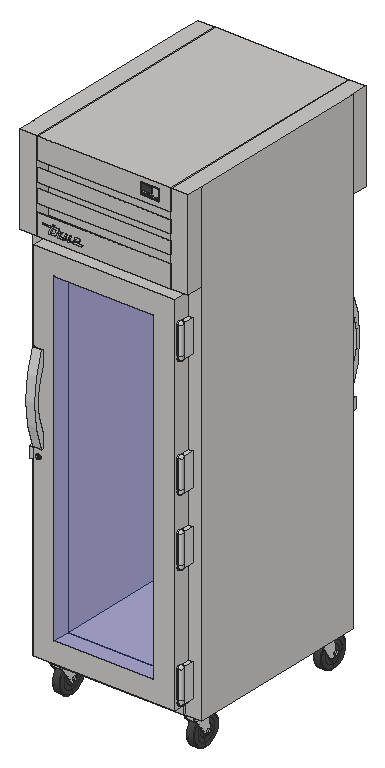
Revit family "QF_TRUE_STG1RPT-1G-1G-HC", category Specialty Equipment, Revit 2012 (continued)
Automatic sketch dimensions
  Extrusion 50 sketch curve to Extrusion 50 sketch curve = 0.71221"
  Revolve 51 sketch curve to Revolve 51 sketch curve = 0.38242"
  Revolve 51 sketch curve to Revolve 51 sketch curve = 0.38436"
  Revolve 51 sketch curve to Revolve 51 sketch curve = 0.02425"
  Revolve 51 sketch curve to Revolve 51 sketch curve = 0.40666"  (x2)
  Revolve 51 sketch curve to Revolve 51 sketch curve = 0"
  Revolve 51 sketch curve to plane 5 "TOP" = 38.25492"
  Revolve 51 sketch curve to Revolve 51 sketch curve = 0.55526"
  Revolve 51 sketch curve to Revolve 51 sketch curve = 0.19474"
  Revolve 51 sketch curve to Revolve 51 sketch curve = 0.14649"
  Revolve 51 sketch curve to Revolve 51 sketch curve = 4.42889"
  Revolve 51 sketch curve to Revolve 51 sketch curve = 0.05342"
  Revolve 51 sketch curve to Revolve 51 sketch curve = 0.51246"
  Revolve 51 sketch curve to Revolve 51 sketch curve = 0.05889"
  Extrusion 53 sketch curve to Extrusion 53 sketch curve = 0.20453"
  Extrusion 53 sketch curve to Extrusion 53 sketch curve = 0.43503"
  plane 6 to Extrusion 53 sketch curve = 27.92729"
  Extrusion 53 sketch curve to Extrusion 53 sketch curve = 4.39928"
  Extrusion 53 sketch curve to Extrusion 53 sketch curve = 0.71221"
  Revolve 54 sketch curve to Revolve 54 sketch curve = 0.38242"
  Revolve 54 sketch curve to Revolve 54 sketch curve = 0.38436"
  Revolve 54 sketch curve to Revolve 54 sketch curve = 0.02425"
  Revolve 54 sketch curve to Revolve 54 sketch curve = 0.40666"  (x2)
  Revolve 54 sketch curve to Revolve 54 sketch curve = 0"
  plane 6 to Revolve 54 sketch curve = 28.74508"
  Revolve 54 sketch curve to Revolve 54 sketch curve = 0.55526"
  Revolve 54 sketch curve to Revolve 54 sketch curve = 0.19474"
  Revolve 54 sketch curve to Revolve 54 sketch curve = 0.14649"
  Revolve 54 sketch curve to Revolve 54 sketch curve = 4.42889"
  Revolve 54 sketch curve to Revolve 54 sketch curve = 0.05342"
  Revolve 54 sketch curve to Revolve 54 sketch curve = 0.51246"
  Revolve 54 sketch curve to Revolve 54 sketch curve = 0.05889"
  Extrusion 56 sketch curve to Extrusion 56 sketch curve = 0.20453"
  Extrusion 56 sketch curve to Extrusion 56 sketch curve = 0.43503"
  plane 6 to Extrusion 56 sketch curve = 8.17729"
  plane 6 to Extrusion 56 sketch curve = 3.57348"
  Extrusion 56 sketch curve to Extrusion 56 sketch curve = 0.75105"
  Revolve 57 sketch curve to Revolve 57 sketch curve = 0.38242"
  Revolve 57 sketch curve to Revolve 57 sketch curve = 0.38436"
  Revolve 57 sketch curve to Revolve 57 sketch curve = 0.02425"
  Revolve 57 sketch curve to Revolve 57 sketch curve = 0.40666"  (x2)
  Revolve 57 sketch curve to Revolve 57 sketch curve = 0"
  plane 6 to Revolve 57 sketch curve = 8.99508"
  Revolve 57 sketch curve to Revolve 57 sketch curve = 0.55526"
  Revolve 57 sketch curve to Revolve 57 sketch curve = 0.19474"
  Revolve 57 sketch curve to Revolve 57 sketch curve = 0.14649"
  plane 6 to Revolve 57 sketch curve = 3.62689"
  Revolve 57 sketch curve to Revolve 57 sketch curve = 0.05342"
  Revolve 57 sketch curve to Revolve 57 sketch curve = 0.51246"
  Revolve 57 sketch curve to Revolve 57 sketch curve = 0.05889"
  Extrusion 3 sketch curve to Extrusion 3 sketch curve = 31"  (x2)
  Extrusion 3 sketch curve to Extrusion 3 sketch curve = 0.21659"
  Extrusion 25 sketch curve to Extrusion 25 sketch curve = 22.76936"
  Extrusion 31 sketch curve to Extrusion 31 sketch curve = 23.08888"
  Extrusion 34 sketch curve to Extrusion 34 sketch curve = 22.76936"
  Extrusion 35 sketch curve to Extrusion 35 sketch curve = 22.76936"
  Extrusion 40 sketch curve to Extrusion 40 sketch curve = 23.08888"
  Extrusion 47 sketch curve to plane 4 "FRONT" = 35.51521"
  Extrusion 47 sketch curve to Extrusion 47 sketch curve = 1.50065"
  Revolve 48 sketch curve to plane 4 "FRONT" = 35 15/16"
  Extrusion 50 sketch curve to plane 4 "FRONT" = 35.51521"
  Extrusion 50 sketch curve to Extrusion 50 sketch curve = 1.50065"
  Revolve 51 sketch curve to plane 4 "FRONT" = 35 15/16"
  Extrusion 53 sketch curve to plane 4 "FRONT" = 35.51521"
  Extrusion 53 sketch curve to Extrusion 53 sketch curve = 1.50065"
  Revolve 54 sketch curve to plane 4 "FRONT" = 35 15/16"
  Extrusion 56 sketch curve to plane 4 "FRONT" = 35.51521"
  Extrusion 56 sketch curve to Extrusion 56 sketch curve = 1.50065"
  Revolve 57 sketch curve to plane 4 "FRONT" = 35 15/16"
  plane 4 "FRONT" to Extrusion 7 sketch curve = 0.21185"  (x2)
  Extrusion 7 sketch curve to plane 4 "FRONT" = 0"  (x2)
  Extrusion 7 sketch curve to plane 4 "FRONT" = 9.47675"
  Extrusion 7 sketch curve to Extrusion 7 sketch curve = 7.78454"
  Extrusion 7 sketch curve to Extrusion 7 sketch curve = 2.37688"
  Extrusion 7 sketch curve to Extrusion 7 sketch curve = 0"
  plane 8 to Extrusion 59 sketch curve = 0"  (x2)
  Extrusion 59 sketch curve to Extrusion 59 sketch curve = 0.21151"  (x2)
  plane 8 to Extrusion 59 sketch curve = 9.5614"
  Extrusion 59 sketch curve to Extrusion 59 sketch curve = 7.69571"
  Extrusion 59 sketch curve to Extrusion 59 sketch curve = 2.37735"
  plane 6 to Extrusion 7 sketch curve = 32 5/8"
  Extrusion 7 sketch curve to Extrusion 7 sketch curve = 4.87312"
  plane 6 to Extrusion 59 sketch curve = 32 5/8"
  Extrusion 59 sketch curve to Extrusion 59 sketch curve = 4.87265"
  Extrusion 59 sketch curve to Extrusion 59 sketch curve = 0"
  Extrusion 26 sketch curve to plane 6 = 0.63926"  (x2)
  Extrusion 26 sketch curve to plane 4 "FRONT" = 3.79864"
  Extrusion 26 sketch curve to plane 6 = 1.24411"
  Extrusion 26 sketch curve to Extrusion 26 sketch curve = 1/4"  (x2)
  Extrusion 26 sketch curve to Extrusion 26 sketch curve = 1.7492"  (x2)
  Extrusion 26 sketch curve to Extrusion 26 sketch curve = 0.50669"  (x2)
  Extrusion 26 sketch curve to Extrusion 26 sketch curve = 2 1/2"  (x2)
  Extrusion 26 sketch curve to Extrusion 26 sketch curve = 0.59966"  (x2)
  plane 8 to Extrusion 26 sketch curve = 6.82645"
  level to Extrusion 26 sketch curve = 2.59003"  (x2)
  Extrusion 26 sketch curve to Extrusion 26 sketch curve = 0.07363"  (x2)
  Extrusion 26 sketch curve to Extrusion 26 sketch curve = 0.60485"
  Extrusion 1 sketch curve to plane 2 "LEFT" = 0"
  plane 2 "LEFT" to Extrusion 1 sketch curve = 2 55/64"
  Extrusion 1 sketch curve to plane 4 "FRONT" = 2 3/4"
  plane 8 to Extrusion 1 sketch curve = 2 3/4"
  Extrusion 2 sketch curve to plane 3 "RIGHT" = 0"
  Extrusion 2 sketch curve to plane 3 "RIGHT" = 2 55/64"
  Extrusion 2 sketch curve to plane 4 "FRONT" = 2 3/4"
  plane 8 to Extrusion 2 sketch curve = 2 3/4"
  plane 4 "FRONT" to Extrusion 4 sketch curve = 0"
  Extrusion 4 sketch curve to plane 3 "RIGHT" = 2 55/64"
  Extrusion 4 sketch curve to plane 3 "RIGHT" = 3/64"
  Extrusion 4 sketch curve to Extrusion 4 sketch curve = 2 3/4"
  plane 4 "FRONT" to Extrusion 5 sketch curve = 0"
  plane 2 "LEFT" to Extrusion 5 sketch curve = 3/64"
  Extrusion 5 sketch curve to Extrusion 5 sketch curve = 2 13/16"
  Extrusion 5 sketch curve to Extrusion 5 sketch curve = 2 3/4"
  plane 2 "LEFT" to Extrusion 6 sketch curve = 2 9/32"
  Extrusion 6 sketch curve to Extrusion 6 sketch curve = 3 11/32"  (x3)
  Extrusion 6 sketch curve to plane 3 "RIGHT" = 5 5/8"
  Extrusion 6 sketch curve to plane 3 "RIGHT" = 2 9/32"
  plane 6 to Extrusion 6 sketch curve = 1 29/32"
  Extrusion 6 sketch curve to plane 5 "TOP" = 19 1/2"
  plane 2 "LEFT" to Extrusion 8 sketch curve = 3.04215"
  Extrusion 8 sketch curve to Extrusion 8 sketch curve = 0.02035"
  Extrusion 8 sketch curve to Extrusion 8 sketch curve = 0.0555"
  plane 6 to Extrusion 8 sketch curve = 30.95645"
  Extrusion 8 sketch curve to Extrusion 8 sketch curve = 0.29355"
  Extrusion 8 sketch curve to Extrusion 8 sketch curve = 0.27385"
  plane 2 "LEFT" to Extrusion 9 sketch curve = 3.68957"
  Extrusion 9 sketch curve to Extrusion 9 sketch curve = 0.10565"  (x5)
  Extrusion 9 sketch curve to Extrusion 9 sketch curve = 1.03891"
  Extrusion 9 sketch curve to Extrusion 9 sketch curve = 0.04606"
  Extrusion 9 sketch curve to Extrusion 9 sketch curve = 0.04025"
  Extrusion 9 sketch curve to Extrusion 9 sketch curve = 0.33624"
  Extrusion 9 sketch curve to Extrusion 9 sketch curve = 0.03034"  (x2)
  Extrusion 9 sketch curve to Extrusion 9 sketch curve = 0.29274"
  Extrusion 9 sketch curve to Extrusion 9 sketch curve = 0.03232"
  Extrusion 9 sketch curve to Extrusion 9 sketch curve = 0.08083"
  Extrusion 9 sketch curve to Extrusion 9 sketch curve = 0.1527"
  Extrusion 9 sketch curve to Extrusion 9 sketch curve = 0.19721"
  Extrusion 9 sketch curve to Extrusion 9 sketch curve = 0.4629"
  Extrusion 9 sketch curve to Extrusion 9 sketch curve = 0.02197"
  Extrusion 9 sketch curve to Extrusion 9 sketch curve = 0.12632"
  Extrusion 9 sketch curve to Extrusion 9 sketch curve = 0.18591"
  Extrusion 9 sketch curve to Extrusion 9 sketch curve = 0.2322"
  Extrusion 9 sketch curve to Extrusion 9 sketch curve = 0.13786"
  Extrusion 9 sketch curve to Extrusion 9 sketch curve = 0.00907"
  Extrusion 9 sketch curve to Extrusion 9 sketch curve = 0.01413"
  Extrusion 9 sketch curve to Extrusion 9 sketch curve = 0.37162"
  Extrusion 9 sketch curve to Extrusion 9 sketch curve = 0.12551"
  Extrusion 9 sketch curve to Extrusion 9 sketch curve = 0.07633"
  Extrusion 9 sketch curve to Extrusion 9 sketch curve = 0.08445"
  Extrusion 9 sketch curve to Extrusion 9 sketch curve = 0.25598"
  Extrusion 9 sketch curve to Extrusion 9 sketch curve = 0.01887"
  Extrusion 9 sketch curve to Extrusion 9 sketch curve = 0.04061"
  Extrusion 9 sketch curve to Extrusion 9 sketch curve = 0.0653"
  Extrusion 9 sketch curve to Extrusion 9 sketch curve = 0.08474"
  Extrusion 9 sketch curve to Extrusion 9 sketch curve = 0.00815"
  Extrusion 9 sketch curve to Extrusion 9 sketch curve = 0.22037"
  Extrusion 9 sketch curve to Extrusion 9 sketch curve = 0.21921"
  Extrusion 9 sketch curve to Extrusion 9 sketch curve = 0.11572"
  Extrusion 9 sketch curve to Extrusion 9 sketch curve = 0.46643"
  Extrusion 9 sketch curve to Extrusion 9 sketch curve = 0.00535"
  Extrusion 9 sketch curve to Extrusion 9 sketch curve = 0.09269"
  Extrusion 9 sketch curve to Extrusion 9 sketch curve = 0.09348"
  Extrusion 9 sketch curve to Extrusion 9 sketch curve = 0.14812"
  Extrusion 9 sketch curve to Extrusion 9 sketch curve = 0.07778"  (x3)
  Extrusion 9 sketch curve to Extrusion 9 sketch curve = 0.20054"
  Extrusion 9 sketch curve to Extrusion 9 sketch curve = 0.04325"
  Extrusion 9 sketch curve to Extrusion 9 sketch curve = 0.32433"
  Extrusion 9 sketch curve to Extrusion 9 sketch curve = 0.10233"  (x2)
  Extrusion 9 sketch curve to Extrusion 9 sketch curve = 0.16515"
  Extrusion 9 sketch curve to Extrusion 9 sketch curve = 0.27321"
  Extrusion 9 sketch curve to Extrusion 9 sketch curve = 0.0526"
  Extrusion 9 sketch curve to Extrusion 9 sketch curve = 0.10005"
  Extrusion 9 sketch curve to Extrusion 9 sketch curve = 0.06912"
  Extrusion 9 sketch curve to Extrusion 9 sketch curve = 0.13276"
  Extrusion 9 sketch curve to Extrusion 9 sketch curve = 0.17486"
  Extrusion 9 sketch curve to Extrusion 9 sketch curve = 0.05291"
  Extrusion 9 sketch curve to Extrusion 9 sketch curve = 0.53374"
  Extrusion 9 sketch curve to Extrusion 9 sketch curve = 0.09914"  (x2)
  Extrusion 9 sketch curve to Extrusion 9 sketch curve = 0.15992"
  Extrusion 9 sketch curve to Extrusion 9 sketch curve = 0.46666"
  Extrusion 9 sketch curve to Extrusion 9 sketch curve = 0.00582"
  Extrusion 9 sketch curve to Extrusion 9 sketch curve = 0.08216"
  Extrusion 9 sketch curve to Extrusion 9 sketch curve = 0.16397"
  Extrusion 9 sketch curve to Extrusion 9 sketch curve = 0.12601"
  Extrusion 9 sketch curve to Extrusion 9 sketch curve = 0.1363"
  Extrusion 9 sketch curve to Extrusion 9 sketch curve = 0.02323"
  Extrusion 9 sketch curve to Extrusion 9 sketch curve = 0.03844"
  Extrusion 9 sketch curve to Extrusion 9 sketch curve = 0.0454"
  Extrusion 9 sketch curve to Extrusion 9 sketch curve = 0.05693"
  Extrusion 9 sketch curve to Extrusion 9 sketch curve = 0.0917"
  Extrusion 9 sketch curve to Extrusion 9 sketch curve = 0.01902"
  Extrusion 9 sketch curve to Extrusion 9 sketch curve = 0.02191"
  Extrusion 9 sketch curve to Extrusion 9 sketch curve = 0.0347"
  Extrusion 9 sketch curve to Extrusion 9 sketch curve = 0.06385"
  Extrusion 9 sketch curve to Extrusion 9 sketch curve = 0.02906"
  Extrusion 9 sketch curve to Extrusion 9 sketch curve = 0.02851"
  Extrusion 9 sketch curve to Extrusion 9 sketch curve = 0.29237"
  Extrusion 9 sketch curve to Extrusion 9 sketch curve = 0.00537"
  Extrusion 9 sketch curve to Extrusion 9 sketch curve = 0.0406"
  Extrusion 9 sketch curve to Extrusion 9 sketch curve = 0.04327"
  Extrusion 9 sketch curve to Extrusion 9 sketch curve = 0.02615"
  Extrusion 9 sketch curve to Extrusion 9 sketch curve = 0.11806"
  Extrusion 9 sketch curve to Extrusion 9 sketch curve = 0.15103"
  Extrusion 9 sketch curve to Extrusion 9 sketch curve = 0.10007"
  Extrusion 9 sketch curve to Extrusion 9 sketch curve = 0.5254"
  Extrusion 9 sketch curve to Extrusion 9 sketch curve = 0.14787"
  Extrusion 9 sketch curve to plane 5 "TOP" = 13.64562"
  Extrusion 9 sketch curve to Extrusion 9 sketch curve = 0.07275"
  Extrusion 9 sketch curve to Extrusion 9 sketch curve = 0.05776"
  Extrusion 9 sketch curve to Extrusion 9 sketch curve = 0.08631"
  Extrusion 9 sketch curve to Extrusion 9 sketch curve = 0.09282"
  Extrusion 9 sketch curve to Extrusion 9 sketch curve = 0.13018"
  Extrusion 9 sketch curve to Extrusion 9 sketch curve = 0.16714"
  Extrusion 9 sketch curve to Extrusion 9 sketch curve = 0.11061"
  Extrusion 9 sketch curve to Extrusion 9 sketch curve = 0.06046"
  Extrusion 9 sketch curve to Extrusion 9 sketch curve = 0.16548"
  Extrusion 9 sketch curve to Extrusion 9 sketch curve = 0.14279"
  Extrusion 9 sketch curve to Extrusion 9 sketch curve = 0.0496"
  Extrusion 9 sketch curve to Extrusion 9 sketch curve = 0.07293"
  Extrusion 9 sketch curve to Extrusion 9 sketch curve = 0.07764"
  Extrusion 9 sketch curve to Extrusion 9 sketch curve = 0.03794"
  Extrusion 9 sketch curve to Extrusion 9 sketch curve = 0.08552"
  Extrusion 9 sketch curve to Extrusion 9 sketch curve = 0.09296"
  Extrusion 9 sketch curve to Extrusion 9 sketch curve = 0.09314"
  Extrusion 9 sketch curve to Extrusion 9 sketch curve = 0.02781"
  Extrusion 9 sketch curve to Extrusion 9 sketch curve = 0.04981"
  Extrusion 9 sketch curve to Extrusion 9 sketch curve = 0.09315"
  Extrusion 9 sketch curve to Extrusion 9 sketch curve = 0.04799"
  Extrusion 9 sketch curve to Extrusion 9 sketch curve = 0.02531"
  Extrusion 9 sketch curve to Extrusion 9 sketch curve = 0.03054"
  Extrusion 9 sketch curve to Extrusion 9 sketch curve = 0.2589"
  Extrusion 9 sketch curve to Extrusion 9 sketch curve = 0.0674"
  Extrusion 9 sketch curve to Extrusion 9 sketch curve = 0.0324"
  Extrusion 9 sketch curve to Extrusion 9 sketch curve = 0.26185"
  Extrusion 9 sketch curve to Extrusion 9 sketch curve = 11/256"
  Extrusion 9 sketch curve to Extrusion 9 sketch curve = 0.07366"
  Extrusion 9 sketch curve to Extrusion 9 sketch curve = 0.02187"
  Extrusion 9 sketch curve to Extrusion 9 sketch curve = 0.06479"
  Extrusion 9 sketch curve to Extrusion 9 sketch curve = 0.01183"
  Extrusion 9 sketch curve to Extrusion 9 sketch curve = 0.05778"
  Extrusion 9 sketch curve to Extrusion 9 sketch curve = 0.53375"
  Extrusion 9 sketch curve to Extrusion 9 sketch curve = 0.23098"
  Extrusion 9 sketch curve to Extrusion 9 sketch curve = 0"
  Extrusion 9 sketch curve to Extrusion 9 sketch curve = 0.05045"
  Extrusion 9 sketch curve to Extrusion 9 sketch curve = 0.09139"
  Extrusion 9 sketch curve to Extrusion 9 sketch curve = 29/128"  (x3)
  Extrusion 10 sketch curve to plane 3 "RIGHT" = 3 1/4"
  Extrusion 10 sketch curve to plane 5 "TOP" = 2 1/8"
  plane 2 "LEFT" to Blend 11 sketch curve = 2 9/32"
  Blend 11 sketch curve to Blend 11 sketch curve = 3/4"
  plane 6 to Blend 11 sketch curve = 32.17919"
  Blend 11 sketch curve to Blend 11 sketch curve = 1 3/4"
  Blend 11 sketch curve to plane 2 "LEFT" = 2 9/32"
  Blend 11 sketch curve to Blend 11 sketch curve = 0.93223"
  Blend 11 sketch curve to plane 6 = 29.8316"
  Blend 11 sketch curve to Blend 11 sketch curve = 2.78233"
  Extrusion 14 sketch curve to plane 3 "RIGHT" = 1.88366"
  Extrusion 14 sketch curve to Extrusion 14 sketch curve = 0.39759"
  Extrusion 14 sketch curve to plane 5 "TOP" = 19.6514"
  Extrusion 14 sketch curve to Extrusion 14 sketch curve = 4.47281"
  Extrusion 17 sketch curve to plane 3 "RIGHT" = 1.88366"
  Extrusion 17 sketch curve to Extrusion 17 sketch curve = 0.39759"
  plane 6 to Extrusion 17 sketch curve = 38.8486"
  Extrusion 17 sketch curve to Extrusion 17 sketch curve = 4.47281"
  Extrusion 20 sketch curve to plane 3 "RIGHT" = 1.88366"
  Extrusion 20 sketch curve to Extrusion 20 sketch curve = 0.39759"
  plane 6 to Extrusion 20 sketch curve = 27.8486"
  Extrusion 20 sketch curve to Extrusion 20 sketch curve = 4.47281"
  Extrusion 23 sketch curve to plane 3 "RIGHT" = 1.88366"
  Extrusion 23 sketch curve to Extrusion 23 sketch curve = 0.39759"
  plane 6 to Extrusion 23 sketch curve = 8.0986"
  plane 6 to Extrusion 23 sketch curve = 3.62579"
  Revolve 24 sketch curve to plane 3 "RIGHT" = 4.35148"
  Revolve 24 sketch curve to Revolve 24 sketch curve = 0.48273"
  Revolve 24 sketch curve to Revolve 24 sketch curve = 0.4"
  Revolve 24 sketch curve to Revolve 24 sketch curve = 0"  (x2)
  Revolve 24 sketch curve to Revolve 24 sketch curve = 0.1"  (x2)
  Revolve 24 sketch curve to Revolve 24 sketch curve = 0.16101"
  Revolve 24 sketch curve to Revolve 24 sketch curve = 0.75408"
  Revolve 24 sketch curve to Revolve 24 sketch curve = 0.92798"
  Revolve 24 sketch curve to Revolve 24 sketch curve = 0.06101"
  Revolve 24 sketch curve to Revolve 24 sketch curve = 1/2"
  Revolve 24 sketch curve to Revolve 24 sketch curve = 0.16509"
  Revolve 24 sketch curve to Revolve 24 sketch curve = 0.39592"
  level to Revolve 24 sketch curve = 2 1/2"
  Revolve 24 sketch curve to Revolve 24 sketch curve = 0.29941"  (x2)
  Revolve 24 sketch curve to Revolve 24 sketch curve = 3/4"  (x4)
  Revolve 24 sketch curve to Revolve 24 sketch curve = 0.59652"
  Revolve 24 sketch curve to Revolve 24 sketch curve = 0.60059"
  Revolve 27 sketch curve to plane 6 = 0.62954"
  Revolve 27 sketch curve to plane 3 "RIGHT" = 4.14082"
  Revolve 27 sketch curve to Revolve 27 sketch curve = 1.29707"
  Revolve 27 sketch curve to Revolve 27 sketch curve = 0"
  Revolve 27 sketch curve to Revolve 27 sketch curve = 0.10278"
  Revolve 27 sketch curve to plane 6 = 0"
  plane 6 to Revolve 27 sketch curve = 0.26768"
  Revolve 28 sketch curve to level = 0"
  Revolve 28 sketch curve to plane 6 = 0"
  Revolve 28 sketch curve to plane 3 "RIGHT" = 4.17713"
  level to Revolve 28 sketch curve = 1"
  Revolve 28 sketch curve to plane 3 "RIGHT" = 3 19/32"
  Revolve 28 sketch curve to Revolve 28 sketch curve = 1/4"
  Revolve 28 sketch curve to Revolve 28 sketch curve = 1/2"
  Revolve 28 sketch curve to Revolve 28 sketch curve = 0"
  Revolve 28 sketch curve to Revolve 28 sketch curve = 5/8"
  plane 6 to Revolve 28 sketch curve = 1 25/32"
  Revolve 29 sketch curve to level = 0"
  Revolve 29 sketch curve to plane 6 = 0"
  Revolve 29 sketch curve to plane 3 "RIGHT" = 4.17713"
  level to Revolve 29 sketch curve = 1"
  Revolve 29 sketch curve to plane 3 "RIGHT" = 3 19/32"
  Revolve 29 sketch curve to Revolve 29 sketch curve = 1/4"
  Revolve 29 sketch curve to Revolve 29 sketch curve = 1/2"
  Revolve 29 sketch curve to Revolve 29 sketch curve = 0"
  Revolve 29 sketch curve to Revolve 29 sketch curve = 5/8"
  plane 6 to Revolve 29 sketch curve = 1 25/32"
  Revolve 30 sketch curve to plane 6 = 0.62954"
  Revolve 30 sketch curve to plane 3 "RIGHT" = 4.14082"
  Revolve 30 sketch curve to Revolve 30 sketch curve = 1.29707"
  Revolve 30 sketch curve to Revolve 30 sketch curve = 0"
  Revolve 30 sketch curve to Revolve 30 sketch curve = 0.10278"
  Revolve 30 sketch curve to plane 6 = 0"
  plane 6 to Revolve 30 sketch curve = 0.26768"
  Revolve 32 sketch curve to plane 3 "RIGHT" = 4.35148"
  Revolve 32 sketch curve to Revolve 32 sketch curve = 0.48273"
  Revolve 32 sketch curve to Revolve 32 sketch curve = 0.4"
  Revolve 32 sketch curve to Revolve 32 sketch curve = 0"  (x2)
  Revolve 32 sketch curve to Revolve 32 sketch curve = 0.1"  (x2)
  Revolve 32 sketch curve to Revolve 32 sketch curve = 0.16101"
  Revolve 32 sketch curve to Revolve 32 sketch curve = 0.75408"
  Revolve 32 sketch curve to Revolve 32 sketch curve = 0.92798"
  Revolve 32 sketch curve to Revolve 32 sketch curve = 0.06101"
  Revolve 32 sketch curve to Revolve 32 sketch curve = 1/2"
  Revolve 32 sketch curve to Revolve 32 sketch curve = 0.16509"
  Revolve 32 sketch curve to Revolve 32 sketch curve = 0.39592"
  level to Revolve 32 sketch curve = 2 1/2"
  Revolve 32 sketch curve to Revolve 32 sketch curve = 0.29941"  (x2)
  Revolve 32 sketch curve to Revolve 32 sketch curve = 3/4"  (x4)
  Revolve 32 sketch curve to Revolve 32 sketch curve = 0.59652"
  Revolve 32 sketch curve to Revolve 32 sketch curve = 0.60059"
  plane 2 "LEFT" to Revolve 33 sketch curve = 1.33602"
  Revolve 33 sketch curve to Revolve 33 sketch curve = 0.48273"
  Revolve 33 sketch curve to Revolve 33 sketch curve = 0.4"
  Revolve 33 sketch curve to Revolve 33 sketch curve = 0"  (x2)
  Revolve 33 sketch curve to Revolve 33 sketch curve = 0.1"  (x2)
  Revolve 33 sketch curve to Revolve 33 sketch curve = 0.16101"
  Revolve 33 sketch curve to Revolve 33 sketch curve = 0.75408"
  Revolve 33 sketch curve to Revolve 33 sketch curve = 0.92798"
  Revolve 33 sketch curve to Revolve 33 sketch curve = 0.06101"
  Revolve 33 sketch curve to Revolve 33 sketch curve = 1/2"
  Revolve 33 sketch curve to Revolve 33 sketch curve = 0.16509"
  Revolve 33 sketch curve to Revolve 33 sketch curve = 0.39592"
  level to Revolve 33 sketch curve = 2 1/2"
  Revolve 33 sketch curve to Revolve 33 sketch curve = 0.29941"  (x2)
  Revolve 33 sketch curve to Revolve 33 sketch curve = 3/4"  (x4)
  Revolve 33 sketch curve to Revolve 33 sketch curve = 0.59652"
  Revolve 33 sketch curve to Revolve 33 sketch curve = 0.60059"
  Revolve 36 sketch curve to plane 6 = 0"
  Revolve 36 sketch curve to plane 6 = 0.62954"
  plane 2 "LEFT" to Revolve 36 sketch curve = 1.54668"
  Revolve 36 sketch curve to Revolve 36 sketch curve = 1.29707"
  Revolve 36 sketch curve to Revolve 36 sketch curve = 0"
  Revolve 36 sketch curve to Revolve 36 sketch curve = 0.10278"
  plane 6 to Revolve 36 sketch curve = 0.26768"
  Revolve 37 sketch curve to level = 0"
  Revolve 37 sketch curve to plane 6 = 0"
  plane 2 "LEFT" to Revolve 37 sketch curve = 1.51037"
  level to Revolve 37 sketch curve = 1"
  plane 2 "LEFT" to Revolve 37 sketch curve = 2 3/32"
  Revolve 37 sketch curve to Revolve 37 sketch curve = 1/4"
  Revolve 37 sketch curve to Revolve 37 sketch curve = 1/2"
  Revolve 37 sketch curve to Revolve 37 sketch curve = 0"
  Revolve 37 sketch curve to Revolve 37 sketch curve = 5/8"
  plane 6 to Revolve 37 sketch curve = 1 25/32"
  Revolve 38 sketch curve to level = 0"
  Revolve 38 sketch curve to plane 6 = 0"
  plane 2 "LEFT" to Revolve 38 sketch curve = 1.51037"
  level to Revolve 38 sketch curve = 1"
  plane 2 "LEFT" to Revolve 38 sketch curve = 2 3/32"
  Revolve 38 sketch curve to Revolve 38 sketch curve = 1/4"
  Revolve 38 sketch curve to Revolve 38 sketch curve = 1/2"
  Revolve 38 sketch curve to Revolve 38 sketch curve = 0"
  Revolve 38 sketch curve to Revolve 38 sketch curve = 5/8"
  plane 6 to Revolve 38 sketch curve = 1 25/32"
  Revolve 39 sketch curve to plane 6 = 0"
  Revolve 39 sketch curve to plane 6 = 0.62954"
  plane 2 "LEFT" to Revolve 39 sketch curve = 1.54668"
  Revolve 39 sketch curve to Revolve 39 sketch curve = 1.29707"
  Revolve 39 sketch curve to Revolve 39 sketch curve = 0"
  Revolve 39 sketch curve to Revolve 39 sketch curve = 0.10278"
  plane 6 to Revolve 39 sketch curve = 0.26768"
  plane 2 "LEFT" to Revolve 41 sketch curve = 1.33602"
  Revolve 41 sketch curve to Revolve 41 sketch curve = 0.48273"
  Revolve 41 sketch curve to Revolve 41 sketch curve = 0.4"
  Revolve 41 sketch curve to Revolve 41 sketch curve = 0"  (x2)
  Revolve 41 sketch curve to Revolve 41 sketch curve = 0.1"  (x2)
  Revolve 41 sketch curve to Revolve 41 sketch curve = 0.16101"
  Revolve 41 sketch curve to Revolve 41 sketch curve = 0.75408"
  Revolve 41 sketch curve to Revolve 41 sketch curve = 0.92798"
  Revolve 41 sketch curve to Revolve 41 sketch curve = 0.06101"
  Revolve 41 sketch curve to Revolve 41 sketch curve = 1/2"
  Revolve 41 sketch curve to Revolve 41 sketch curve = 0.16509"
  Revolve 41 sketch curve to Revolve 41 sketch curve = 0.39592"
  level to Revolve 41 sketch curve = 2 1/2"
  Revolve 41 sketch curve to Revolve 41 sketch curve = 0.29941"  (x2)
  Revolve 41 sketch curve to Revolve 41 sketch curve = 3/4"  (x4)
  Revolve 41 sketch curve to Revolve 41 sketch curve = 0.59652"
  Revolve 41 sketch curve to Revolve 41 sketch curve = 0.60059"
  plane 2 "LEFT" to Extrusion 42 sketch curve = 5 5/8"
  Extrusion 42 sketch curve to plane 3 "RIGHT" = 5 5/8"
  plane 6 to Extrusion 42 sketch curve = 5 1/4"
  Extrusion 42 sketch curve to plane 5 "TOP" = 19 1/2"
  plane 2 "LEFT" to Extrusion 43 sketch curve = 2 9/32"
  Extrusion 43 sketch curve to Extrusion 43 sketch curve = 3 11/32"  (x2)
  Extrusion 43 sketch curve to plane 3 "RIGHT" = 5 5/8"
  Extrusion 43 sketch curve to plane 3 "RIGHT" = 2 9/32"
  Extrusion 43 sketch curve to plane 5 "TOP" = 16 5/32"
  plane 6 to Extrusion 43 sketch curve = 5 1/4"
  plane 6 to Extrusion 43 sketch curve = 1 29/32"
  plane 2 "LEFT" to Extrusion 44 sketch curve = 5 5/8"
  Extrusion 44 sketch curve to plane 3 "RIGHT" = 5 5/8"
  Extrusion 44 sketch curve to plane 5 "TOP" = 19 1/2"
  plane 6 to Extrusion 44 sketch curve = 5 1/4"
  plane 8 to Extrusion 45 sketch curve = 0"
  Extrusion 45 sketch curve to plane 3 "RIGHT" = 2 55/64"
  Extrusion 45 sketch curve to plane 3 "RIGHT" = 3/64"
  Extrusion 45 sketch curve to Extrusion 45 sketch curve = 2 3/4"
  plane 8 to Extrusion 46 sketch curve = 0"
  plane 2 "LEFT" to Extrusion 46 sketch curve = 3/64"
  Extrusion 46 sketch curve to Extrusion 46 sketch curve = 2 13/16"
  Extrusion 46 sketch curve to Extrusion 46 sketch curve = 2 3/4"
  plane 2 "LEFT" to Extrusion 49 sketch curve = 1.88366"
  Extrusion 49 sketch curve to Extrusion 49 sketch curve = 0.39759"
  Extrusion 49 sketch curve to plane 5 "TOP" = 19.6514"
  Extrusion 49 sketch curve to Extrusion 49 sketch curve = 4.47281"
  plane 2 "LEFT" to Extrusion 52 sketch curve = 1.88366"
  Extrusion 52 sketch curve to Extrusion 52 sketch curve = 0.39759"
  plane 6 to Extrusion 52 sketch curve = 38.8486"
  Extrusion 52 sketch curve to Extrusion 52 sketch curve = 4.47281"
  plane 2 "LEFT" to Extrusion 55 sketch curve = 1.88366"
  Extrusion 55 sketch curve to Extrusion 55 sketch curve = 0.39759"
  plane 6 to Extrusion 55 sketch curve = 27.8486"
  Extrusion 55 sketch curve to Extrusion 55 sketch curve = 4.47281"
  plane 2 "LEFT" to Extrusion 58 sketch curve = 1.88366"
  Extrusion 58 sketch curve to Extrusion 58 sketch curve = 0.39759"
  plane 6 to Extrusion 58 sketch curve = 8.0986"
  plane 6 to Extrusion 58 sketch curve = 3.62579"
  Extrusion 60 sketch curve to plane 3 "RIGHT" = 2.91715"
  Extrusion 60 sketch curve to Extrusion 60 sketch curve = 0.02035"
  Extrusion 60 sketch curve to Extrusion 60 sketch curve = 0.0555"
  plane 6 to Extrusion 60 sketch curve = 30.95645"
  Extrusion 60 sketch curve to Extrusion 60 sketch curve = 0.29355"
  Extrusion 60 sketch curve to Extrusion 60 sketch curve = 0.27385"
  Blend 61 sketch curve to plane 3 "RIGHT" = 2 9/32"  (x2)
  Blend 61 sketch curve to Blend 61 sketch curve = 3/4"
  plane 6 to Blend 61 sketch curve = 32.17919"
  Blend 61 sketch curve to Blend 61 sketch curve = 1 3/4"
  Blend 61 sketch curve to Blend 61 sketch curve = 0.93223"
  plane 6 to Blend 61 sketch curve = 32.61393"
  Blend 61 sketch curve to Blend 61 sketch curve = 2.78233"
  Extrusion 62 sketch curve to plane 5 "TOP" = 2.55982"
  Extrusion 62 sketch curve to plane 3 "RIGHT" = 7.75585"
  Extrusion 62 sketch curve to Extrusion 62 sketch curve = 2 29/32"
  Extrusion 62 sketch curve to plane 5 "TOP" = 13/16"
  Extrusion 63 sketch curve to plane 5 "TOP" = 3/4"
  Extrusion 63 sketch curve to plane 3 "RIGHT" = 7.81835"
  Extrusion 63 sketch curve to Extrusion 63 sketch curve = 1/16"  (x4)
  Extrusion 63 sketch curve to Extrusion 63 sketch curve = 0.1375"  (x2)
  Extrusion 63 sketch curve to Extrusion 63 sketch curve = 1/4"  (x4)
  Extrusion 63 sketch curve to Extrusion 63 sketch curve = 0.44601"
  Extrusion 63 sketch curve to Extrusion 63 sketch curve = 1/2"  (x2)
  Extrusion 63 sketch curve to Extrusion 63 sketch curve = 0.0035"
  Extrusion 63 sketch curve to Extrusion 63 sketch curve = 1.06923"
  Extrusion 63 sketch curve to plane 5 "TOP" = 0.95"
  Extrusion 63 sketch curve to Extrusion 63 sketch curve = 1"
  Extrusion 63 sketch curve to Extrusion 63 sketch curve = 0.34106"  (x3)
  Extrusion 63 sketch curve to Extrusion 63 sketch curve = 0"
  Extrusion 63 sketch curve to Extrusion 63 sketch curve = 0.26876"
  plane 2 "LEFT" to Extrusion 65 sketch curve = 2 27/32"
  Extrusion 65 sketch curve to plane 4 "FRONT" = 5 3/16"
  plane 2 "LEFT" to Extrusion 66 sketch curve = 2 27/32"
  plane 8 to Extrusion 66 sketch curve = 5.06602"
  Extrusion 67 sketch curve to plane 3 "RIGHT" = 2 27/32"
  plane 8 to Extrusion 67 sketch curve = 5.06602"
  Extrusion 68 sketch curve to plane 3 "RIGHT" = 2 27/32"
  Extrusion 68 sketch curve to plane 4 "FRONT" = 5 3/16"
  curve 1 to plane 2 "LEFT" = 0"
  plane 4 "FRONT" to curve 30 = 0"
  plane 8 to curve 31 = 0"
  curve 21 to plane 10 = 0"
  curve 24 to plane 9 = 0"
  curve 3 to plane 3 "RIGHT" = 0"
  plane 2 "LEFT" to curve 10 = 1.20097"
  plane 2 "LEFT" to curve 6 = 1.41409"
  plane 2 "LEFT" to curve 30 = 2.28012"
  plane 2 "LEFT" to curve 31 = 2 9/32"
  curve 32 to curve 31 = 0"
  curve 9 to curve 11 = 1.08591"
  curve 30 to curve 21 = 0.03238"
  curve 5 to curve 6 = 1.08591"
  curve 31 to curve 9 = 1.41972"
  curve 21 to curve 22 = 1 1/2"
  plane 2 "LEFT" to curve 5 = 3.91409"
  plane 2 "LEFT" to curve 30 = 5.35331"
  curve 31 to plane 3 "RIGHT" = 5.35331"
  curve 13 to plane 3 "RIGHT" = 5.17844"
  curve 18 to plane 3 "RIGHT" = 5.17844"
  curve 17 to curve 19 = 1.08591"
  curve 13 to curve 15 = 1.08591"
  curve 24 to curve 3 = 3 21/32"
  curve 17 to plane 3 "RIGHT" = 2.67844"
  curve 13 to plane 3 "RIGHT" = 2.67844"
  curve 24 to curve 26 = 1 1/4"
  curve 30 to curve 2 = 2 9/32"
  curve 20 to curve 30 = 0"
  curve 26 to curve 32 = 0.12613"
  curve 28 to plane 4 "FRONT" = 2 3/4"
  curve 19 to plane 4 "FRONT" = 3.92849"
  curve 28 to curve 7 = 1.28257"
  curve 18 to curve 18 = 0.62695"
  curve 6 to curve 5 = 0.62695"
  plane 8 to curve 14 = 8.09243"
  plane 8 to curve 11 = 7.96938"
  curve 14 to curve 14 = 0.62695"
  curve 10 to curve 10 = 0.62695"
  curve 12 to curve 29 = 1.0123"
  curve 32 to plane 8 = 0"
  plane 4 "FRONT" to Extrusion 64 sketch curve = 0"
  Extrusion 64 sketch curve to plane 11 = 0"
  Extrusion 64 sketch curve to plane 12 = 0"
  plane 8 to Extrusion 64 sketch curve = 0.01627"
  plane 2 "LEFT" to Extrusion 64 sketch curve = 2.17211"
  plane 2 "LEFT" to Extrusion 64 sketch curve = 2.28012"
  Extrusion 64 sketch curve to plane 8 = 0"
  Extrusion 64 sketch curve to Extrusion 64 sketch curve = 0.10914"
  Extrusion 64 sketch curve to plane 3 "RIGHT" = 2 9/32"
  Extrusion 64 sketch curve to plane 4 "FRONT" = 0.02816"
  radius of Extrusion 8 sketch curve = 0.35"
  radius of Extrusion 10 sketch curve = 1/4"
  radius of Extrusion 60 sketch curve = 0.35"
  radius of Extrusion 65 sketch curve = 1 1/2"
  radius of Extrusion 66 sketch curve = 1 1/2"
  radius of Extrusion 67 sketch curve = 1 1/2"
  radius of Extrusion 68 sketch curve = 1 1/2"
Connectors (in)
  electrical at (24.25, 2.48221, 82), driven by "Volts", driven by "Watts"
    settings: on Extrusion 10, index 1, voltage 115 V, apparent load 437 VA, apparent load phase1 0 VA, apparent load phase2 0 VA, apparent load phase3 0 VA, power factor 1, load classification "Other", number of poles 1, system type 30, power factor state 1, is connector primary yes, connector utility no, sub classification motor no, connector description "ELECTRICAL CONNECTION"
